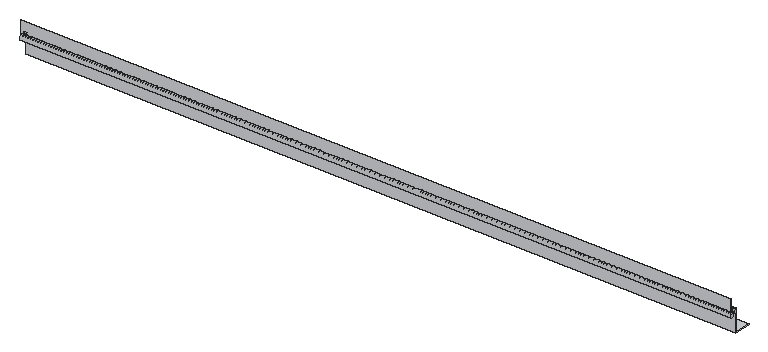
Revit family "NOVOJUNTA PRO BASIC ancho 20 mm LI EST y perimetral", category Modelos genéricos, Revit 2019 (continued)
Dimensions and locks
  aligned and locked: Extrusion 20 to plane 3 "Left"
  aligned and locked: Extrusion 20 to curve 1
  aligned and locked: Extrusion 10 to plane 3 "Left"
  aligned and locked: Extrusion 10 to curve 1
Automatic sketch dimensions
  plane 1 "Center (Front/Back)" to Extrusion 1 sketch curve = 51.758 mm
  Extrusion 1 sketch curve to Extrusion 1 sketch curve = 3.43 mm
  Extrusion 1 sketch curve to Extrusion 1 sketch curve = 32.14 mm
  Extrusion 1 sketch curve to Extrusion 1 sketch curve = 2.93 mm
  Extrusion 1 sketch curve to Extrusion 1 sketch curve = 1 mm  (x6)
  Extrusion 1 sketch curve to Extrusion 1 sketch curve = 1.5 mm  (x5)
  Extrusion 1 sketch curve to Extrusion 1 sketch curve = 2 mm
  Extrusion 1 sketch curve to Extrusion 1 sketch curve = 0.293 mm
  Extrusion 1 sketch curve to Extrusion 1 sketch curve = 1.494 mm
  Extrusion 1 sketch curve to Extrusion 1 sketch curve = 0.822 mm
  Extrusion 1 sketch curve to Extrusion 1 sketch curve = 0.441 mm  (x2)
  Extrusion 1 sketch curve to Extrusion 1 sketch curve = 0.434 mm  (x2)
  Extrusion 1 sketch curve to Extrusion 1 sketch curve = 1.224 mm
  Extrusion 1 sketch curve to Extrusion 1 sketch curve = 0.301 mm
  Extrusion 1 sketch curve to Extrusion 1 sketch curve = 0.823 mm
  Extrusion 1 sketch curve to Extrusion 1 sketch curve = 0.659 mm
  Extrusion 1 sketch curve to Extrusion 1 sketch curve = 0.522 mm
  Extrusion 1 sketch curve to Extrusion 1 sketch curve = 1.865 mm
  Extrusion 1 sketch curve to Extrusion 1 sketch curve = 0.356 mm
  Extrusion 1 sketch curve to Extrusion 1 sketch curve = 0.5 mm  (x4)
  Extrusion 1 sketch curve to Extrusion 1 sketch curve = 0.43 mm
  Extrusion 1 sketch curve to Extrusion 1 sketch curve = 0.372 mm
  Extrusion 1 sketch curve to Extrusion 1 sketch curve = 1.935 mm
  Extrusion 1 sketch curve to Extrusion 1 sketch curve = 3.663 mm
  Extrusion 1 sketch curve to Extrusion 1 sketch curve = 0.524 mm
  Extrusion 1 sketch curve to Extrusion 1 sketch curve = 0.625 mm
  Extrusion 1 sketch curve to Extrusion 1 sketch curve = 0.627 mm
  Extrusion 1 sketch curve to Extrusion 1 sketch curve = 0.265 mm
  Extrusion 1 sketch curve to Extrusion 1 sketch curve = 1.213 mm
  Extrusion 1 sketch curve to Extrusion 1 sketch curve = 1.311 mm
  Extrusion 1 sketch curve to Extrusion 1 sketch curve = 0.321 mm
  Extrusion 1 sketch curve to Extrusion 1 sketch curve = 0.748 mm
  Extrusion 1 sketch curve to Extrusion 1 sketch curve = 0.688 mm
  Extrusion 1 sketch curve to Extrusion 1 sketch curve = 1.298 mm
  Extrusion 1 sketch curve to Extrusion 1 sketch curve = 0.427 mm
  Extrusion 1 sketch curve to Extrusion 1 sketch curve = 1.2 mm
  Extrusion 1 sketch curve to Extrusion 1 sketch curve = 1.73 mm
  Extrusion 1 sketch curve to Extrusion 1 sketch curve = 35.57 mm
  Extrusion 1 sketch curve to level = 14.041 mm
  Extrusion 1 sketch curve to Extrusion 1 sketch curve = 2.5 mm
  Extrusion 1 sketch curve to Extrusion 1 sketch curve = 1.9 mm
  Extrusion 1 sketch curve to Extrusion 1 sketch curve = 0.007 mm
  Extrusion 1 sketch curve to Extrusion 1 sketch curve = 0.531 mm
  Extrusion 1 sketch curve to Extrusion 1 sketch curve = 0.51 mm
  Extrusion 1 sketch curve to Extrusion 1 sketch curve = 0.55 mm
  Extrusion 1 sketch curve to Extrusion 1 sketch curve = 0.52 mm
  Extrusion 1 sketch curve to Extrusion 1 sketch curve = 2.1 mm
  Extrusion 1 sketch curve to Extrusion 1 sketch curve = 0.579 mm
  Extrusion 1 sketch curve to Extrusion 1 sketch curve = 3.142 mm
  Extrusion 1 sketch curve to Extrusion 1 sketch curve = 0.037 mm
  Extrusion 1 sketch curve to Extrusion 1 sketch curve = 0.842 mm
  Extrusion 1 sketch curve to Extrusion 1 sketch curve = 0.835 mm
  Extrusion 1 sketch curve to Extrusion 1 sketch curve = 0.958 mm
  Extrusion 1 sketch curve to Extrusion 1 sketch curve = 0.956 mm
  Extrusion 1 sketch curve to Extrusion 1 sketch curve = 1.893 mm
  Extrusion 1 sketch curve to Extrusion 1 sketch curve = 1.281 mm
  Extrusion 1 sketch curve to Extrusion 1 sketch curve = 2.249 mm
  Extrusion 1 sketch curve to Extrusion 1 sketch curve = 0 mm  (x3)
  Extrusion 1 sketch curve to Extrusion 1 sketch curve = 5.43 mm
  Extrusion 1 sketch curve to Extrusion 1 sketch curve = 0.108 mm
  Extrusion 1 sketch curve to Extrusion 1 sketch curve = 0.179 mm
  Extrusion 1 sketch curve to Extrusion 1 sketch curve = 0.72 mm
  Extrusion 1 sketch curve to Extrusion 1 sketch curve = 0.721 mm
  Extrusion 1 sketch curve to Extrusion 1 sketch curve = 0.626 mm
  Extrusion 1 sketch curve to Extrusion 1 sketch curve = 0.228 mm  (x2)
  Extrusion 1 sketch curve to Extrusion 1 sketch curve = 2.014 mm  (x2)
  Extrusion 1 sketch curve to Extrusion 1 sketch curve = 0.041 mm
  Extrusion 1 sketch curve to Extrusion 1 sketch curve = 1.813 mm
  Extrusion 1 sketch curve to Extrusion 1 sketch curve = 0.515 mm
  Extrusion 1 sketch curve to Extrusion 1 sketch curve = 0.696 mm
  Extrusion 1 sketch curve to Extrusion 1 sketch curve = 0.613 mm
  Extrusion 1 sketch curve to Extrusion 1 sketch curve = 1.993 mm
  Extrusion 1 sketch curve to Extrusion 1 sketch curve = 0.565 mm
  Extrusion 1 sketch curve to Extrusion 1 sketch curve = 0.502 mm
  Extrusion 1 sketch curve to Extrusion 1 sketch curve = 0.05 mm
  Extrusion 1 sketch curve to Extrusion 1 sketch curve = 1.429 mm
  Extrusion 1 sketch curve to Extrusion 1 sketch curve = 1.34 mm  (x2)
  Extrusion 1 sketch curve to Extrusion 1 sketch curve = 0.919 mm
  Extrusion 1 sketch curve to Extrusion 1 sketch curve = 0.319 mm
  Extrusion 1 sketch curve to Extrusion 1 sketch curve = 2.819 mm
  Extrusion 1 sketch curve to Extrusion 1 sketch curve = 0.4 mm
  Extrusion 1 sketch curve to Extrusion 1 sketch curve = 0.38 mm  (x2)
  Extrusion 1 sketch curve to Extrusion 1 sketch curve = 0.388 mm
  Extrusion 1 sketch curve to Extrusion 1 sketch curve = 1.49 mm
  Extrusion 1 sketch curve to Extrusion 1 sketch curve = 1.527 mm
  Extrusion 1 sketch curve to Extrusion 1 sketch curve = 0.325 mm
  Extrusion 1 sketch curve to Extrusion 1 sketch curve = 1.521 mm
  Extrusion 1 sketch curve to Extrusion 1 sketch curve = 1.443 mm
  Extrusion 1 sketch curve to Extrusion 1 sketch curve = 5.373 mm
  Extrusion 1 sketch curve to Extrusion 1 sketch curve = 1.348 mm
  plane 1 "Center (Front/Back)" to Extrusion 2 sketch curve = 51.757 mm
  Extrusion 2 sketch curve to Extrusion 2 sketch curve = 35.57 mm  (x2)
  Extrusion 2 sketch curve to Extrusion 2 sketch curve = 1.73 mm  (x2)
  Extrusion 2 sketch curve to Extrusion 2 sketch curve = 1.2 mm  (x3)
  Extrusion 2 sketch curve to Extrusion 2 sketch curve = 1 mm  (x7)
  Extrusion 2 sketch curve to Extrusion 2 sketch curve = 2.3 mm
  Extrusion 2 sketch curve to Extrusion 2 sketch curve = 2 mm  (x2)
  Extrusion 2 sketch curve to Extrusion 2 sketch curve = 0.293 mm
  Extrusion 2 sketch curve to Extrusion 2 sketch curve = 0.54 mm
  Extrusion 2 sketch curve to Extrusion 2 sketch curve = 1.211 mm
  Extrusion 2 sketch curve to Extrusion 2 sketch curve = 1.201 mm
  Extrusion 2 sketch curve to Extrusion 2 sketch curve = 0.822 mm
  Extrusion 2 sketch curve to Extrusion 2 sketch curve = 0.441 mm  (x2)
  Extrusion 2 sketch curve to Extrusion 2 sketch curve = 0.434 mm  (x2)
  Extrusion 2 sketch curve to Extrusion 2 sketch curve = 1.241 mm
  Extrusion 2 sketch curve to Extrusion 2 sketch curve = 1.327 mm  (x2)
  Extrusion 2 sketch curve to Extrusion 2 sketch curve = 0.284 mm
  Extrusion 2 sketch curve to Extrusion 2 sketch curve = 0.823 mm
  Extrusion 2 sketch curve to Extrusion 2 sketch curve = 0.662 mm
  Extrusion 2 sketch curve to Extrusion 2 sketch curve = 0.519 mm
  Extrusion 2 sketch curve to Extrusion 2 sketch curve = 0.027 mm
  Extrusion 2 sketch curve to Extrusion 2 sketch curve = 1.973 mm
  Extrusion 2 sketch curve to Extrusion 2 sketch curve = 1.443 mm
  Extrusion 2 sketch curve to Extrusion 2 sketch curve = 1.865 mm
  Extrusion 2 sketch curve to Extrusion 2 sketch curve = 0.356 mm
  Extrusion 2 sketch curve to Extrusion 2 sketch curve = 0.5 mm  (x3)
  Extrusion 2 sketch curve to Extrusion 2 sketch curve = 0.43 mm
  Extrusion 2 sketch curve to Extrusion 2 sketch curve = 0.381 mm
  Extrusion 2 sketch curve to Extrusion 2 sketch curve = 1.935 mm
  Extrusion 2 sketch curve to Extrusion 2 sketch curve = 1.386 mm
  Extrusion 2 sketch curve to Extrusion 2 sketch curve = 0.479 mm
  Extrusion 2 sketch curve to Extrusion 2 sketch curve = 1.5 mm  (x3)
  Extrusion 2 sketch curve to Extrusion 2 sketch curve = 1.948 mm
  Extrusion 2 sketch curve to Extrusion 2 sketch curve = 0.524 mm
  Extrusion 2 sketch curve to Extrusion 2 sketch curve = 0.603 mm
  Extrusion 2 sketch curve to Extrusion 2 sketch curve = 1.34 mm  (x2)
  Extrusion 2 sketch curve to Extrusion 2 sketch curve = 0.649 mm
  Extrusion 2 sketch curve to Extrusion 2 sketch curve = 1.413 mm
  Extrusion 2 sketch curve to Extrusion 2 sketch curve = 0.264 mm
  Extrusion 2 sketch curve to Extrusion 2 sketch curve = 0.919 mm
  Extrusion 2 sketch curve to level = 10.753 mm
  Extrusion 2 sketch curve to Extrusion 2 sketch curve = 0.321 mm
  Extrusion 2 sketch curve to Extrusion 2 sketch curve = 0.748 mm
  Extrusion 2 sketch curve to Extrusion 2 sketch curve = 0.616 mm
  Extrusion 2 sketch curve to Extrusion 2 sketch curve = 4.4 mm
  Extrusion 2 sketch curve to Extrusion 2 sketch curve = 0.498 mm
  Extrusion 2 sketch curve to Extrusion 2 sketch curve = 0 mm  (x3)
  Extrusion 2 sketch curve to Extrusion 2 sketch curve = 0.007 mm  (x2)
  Extrusion 2 sketch curve to Extrusion 2 sketch curve = 0.38 mm
  Extrusion 2 sketch curve to Extrusion 2 sketch curve = 0.4 mm
  Extrusion 2 sketch curve to Extrusion 2 sketch curve = 6.5 mm  (x2)
  Extrusion 2 sketch curve to Extrusion 2 sketch curve = 1.476 mm
  Extrusion 2 sketch curve to Extrusion 2 sketch curve = 1.168 mm
  Extrusion 2 sketch curve to Extrusion 2 sketch curve = 0.545 mm
  Extrusion 2 sketch curve to Extrusion 2 sketch curve = 0.497 mm
  Extrusion 2 sketch curve to Extrusion 2 sketch curve = 1.269 mm
  Extrusion 2 sketch curve to Extrusion 2 sketch curve = 0.482 mm
  Extrusion 2 sketch curve to Extrusion 2 sketch curve = 0.563 mm
  Extrusion 2 sketch curve to Extrusion 2 sketch curve = 0.491 mm
  Extrusion 2 sketch curve to Extrusion 2 sketch curve = 0.063 mm
  Extrusion 2 sketch curve to Extrusion 2 sketch curve = 0.576 mm
  Extrusion 2 sketch curve to Extrusion 2 sketch curve = 3.147 mm
  Extrusion 2 sketch curve to Extrusion 2 sketch curve = 0.032 mm
  Extrusion 2 sketch curve to Extrusion 2 sketch curve = 0.903 mm
  Extrusion 2 sketch curve to Extrusion 2 sketch curve = 0.904 mm
  Extrusion 2 sketch curve to Extrusion 2 sketch curve = 0.898 mm
  Extrusion 2 sketch curve to Extrusion 2 sketch curve = 0.956 mm
  Extrusion 2 sketch curve to Extrusion 2 sketch curve = 1.28 mm
  Extrusion 2 sketch curve to Extrusion 2 sketch curve = 1.893 mm
  Extrusion 2 sketch curve to Extrusion 2 sketch curve = 0.969 mm
  Extrusion 2 sketch curve to Extrusion 2 sketch curve = 5.43 mm
  Extrusion 2 sketch curve to Extrusion 2 sketch curve = 5.373 mm
  Extrusion 2 sketch curve to Extrusion 2 sketch curve = 0.002 mm
  Extrusion 2 sketch curve to Extrusion 2 sketch curve = 0.051 mm
  Extrusion 2 sketch curve to Extrusion 2 sketch curve = 0.584 mm
  Extrusion 2 sketch curve to Extrusion 2 sketch curve = 0.632 mm
  Extrusion 2 sketch curve to Extrusion 2 sketch curve = 0.721 mm
  Extrusion 2 sketch curve to Extrusion 2 sketch curve = 0.72 mm
  Extrusion 2 sketch curve to Extrusion 2 sketch curve = 0.228 mm  (x2)
  Extrusion 2 sketch curve to Extrusion 2 sketch curve = 2.014 mm  (x2)
  Extrusion 2 sketch curve to Extrusion 2 sketch curve = 1.913 mm
  Extrusion 2 sketch curve to Extrusion 2 sketch curve = 0.515 mm
  Extrusion 2 sketch curve to Extrusion 2 sketch curve = 0.565 mm
  Extrusion 2 sketch curve to Extrusion 2 sketch curve = 11.288 mm
  Extrusion 2 sketch curve to Extrusion 2 sketch curve = 0.388 mm
  Extrusion 2 sketch curve to Extrusion 2 sketch curve = 1.524 mm
  Extrusion 3 sketch curve to plane 1 "Center (Front/Back)" = 4.071 mm
  Extrusion 3 sketch curve to Extrusion 3 sketch curve = 1.5 mm  (x2)
  Extrusion 3 sketch curve to level = 11.541 mm
  Extrusion 3 sketch curve to Extrusion 3 sketch curve = 9.4 mm
  Extrusion 3 sketch curve to Extrusion 3 sketch curve = 4.2 mm
  Extrusion 3 sketch curve to Extrusion 3 sketch curve = 1 mm  (x3)
  Extrusion 3 sketch curve to Extrusion 3 sketch curve = 3.7 mm
  Extrusion 3 sketch curve to Extrusion 3 sketch curve = 1.2 mm  (x2)
  Extrusion 3 sketch curve to Extrusion 3 sketch curve = 1.73 mm
  Extrusion 3 sketch curve to Extrusion 3 sketch curve = 35.57 mm
  Extrusion 3 sketch curve to Extrusion 3 sketch curve = 2 mm  (x2)
  Extrusion 3 sketch curve to Extrusion 3 sketch curve = 2.447 mm
  Extrusion 3 sketch curve to Extrusion 3 sketch curve = 0.319 mm
  Extrusion 3 sketch curve to Extrusion 3 sketch curve = 1.9 mm
  Extrusion 3 sketch curve to Extrusion 3 sketch curve = 1.34 mm
  Extrusion 3 sketch curve to Extrusion 3 sketch curve = 0.816 mm
  Extrusion 3 sketch curve to Extrusion 3 sketch curve = 2.039 mm
  Extrusion 3 sketch curve to Extrusion 3 sketch curve = 0.919 mm
  Extrusion 3 sketch curve to Extrusion 3 sketch curve = 0.434 mm  (x2)
  Extrusion 3 sketch curve to Extrusion 3 sketch curve = 0.38 mm
  Extrusion 3 sketch curve to Extrusion 3 sketch curve = 0.388 mm  (x2)
  Extrusion 3 sketch curve to Extrusion 3 sketch curve = 0.673 mm  (x2)
  Extrusion 3 sketch curve to Extrusion 3 sketch curve = 0.441 mm  (x2)
  Extrusion 3 sketch curve to Extrusion 3 sketch curve = 0.597 mm
  Extrusion 3 sketch curve to Extrusion 3 sketch curve = 0.438 mm
  Extrusion 3 sketch curve to Extrusion 3 sketch curve = 0.53 mm
  Extrusion 3 sketch curve to Extrusion 3 sketch curve = 0.677 mm
  Extrusion 3 sketch curve to Extrusion 3 sketch curve = 0.521 mm
  Extrusion 3 sketch curve to Extrusion 3 sketch curve = 0.579 mm
  Extrusion 3 sketch curve to Extrusion 3 sketch curve = 0.264 mm
  Extrusion 3 sketch curve to Extrusion 3 sketch curve = 0.903 mm
  Extrusion 3 sketch curve to Extrusion 3 sketch curve = 0.321 mm
  Extrusion 3 sketch curve to Extrusion 3 sketch curve = 0.956 mm
  Extrusion 3 sketch curve to Extrusion 3 sketch curve = 0.634 mm
  Extrusion 3 sketch curve to Extrusion 3 sketch curve = 1.327 mm  (x2)
  Extrusion 3 sketch curve to Extrusion 3 sketch curve = 0.002 mm
  Extrusion 3 sketch curve to Extrusion 3 sketch curve = 0.077 mm
  Extrusion 3 sketch curve to Extrusion 3 sketch curve = 0.228 mm
  Extrusion 3 sketch curve to Extrusion 3 sketch curve = 0.72 mm
  Extrusion 3 sketch curve to Extrusion 3 sketch curve = 0.041 mm
  Extrusion 3 sketch curve to Extrusion 3 sketch curve = 1.386 mm
  Extrusion 3 sketch curve to Extrusion 3 sketch curve = 2.633 mm
  Extrusion 3 sketch curve to Extrusion 3 sketch curve = 2.268 mm
  Extrusion 3 sketch curve to Extrusion 3 sketch curve = 1.925 mm
  Extrusion 3 sketch curve to Extrusion 3 sketch curve = 0.381 mm  (x2)
  Extrusion 3 sketch curve to Extrusion 3 sketch curve = 0.43 mm
  Extrusion 3 sketch curve to Extrusion 3 sketch curve = 0.032 mm
  Extrusion 3 sketch curve to Extrusion 3 sketch curve = 2.22 mm
  Extrusion 3 sketch curve to Extrusion 3 sketch curve = 1.893 mm  (x2)
  Extrusion 3 sketch curve to Extrusion 3 sketch curve = 4.555 mm
  Extrusion 3 sketch curve to Extrusion 3 sketch curve = 0.286 mm
  Extrusion 3 sketch curve to Extrusion 3 sketch curve = 0.5 mm  (x2)
  Extrusion 3 sketch curve to Extrusion 3 sketch curve = 2.249 mm
  Extrusion 3 sketch curve to Extrusion 3 sketch curve = 0 mm  (x3)
  Extrusion 3 sketch curve to Extrusion 3 sketch curve = 0.25 mm
  Extrusion 3 sketch curve to Extrusion 3 sketch curve = 1.913 mm
  Extrusion 3 sketch curve to Extrusion 3 sketch curve = 0.479 mm
  Extrusion 3 sketch curve to Extrusion 3 sketch curve = 3.416 mm
  Extrusion 3 sketch curve to Extrusion 3 sketch curve = 1.406 mm
  Extrusion 3 sketch curve to Extrusion 3 sketch curve = 0.811 mm
  Extrusion 3 sketch curve to Extrusion 3 sketch curve = 4.908 mm
  Extrusion 3 sketch curve to Extrusion 3 sketch curve = 1.748 mm
  Extrusion 3 sketch curve to Extrusion 3 sketch curve = 0.051 mm
  Extrusion 3 sketch curve to Extrusion 3 sketch curve = 1.201 mm
  Extrusion 3 sketch curve to Extrusion 3 sketch curve = 0.011 mm
  Extrusion 3 sketch curve to Extrusion 3 sketch curve = 0.721 mm
  Extrusion 3 sketch curve to Extrusion 3 sketch curve = 0.284 mm
  Extrusion 3 sketch curve to Extrusion 3 sketch curve = 0.904 mm
  Extrusion 3 sketch curve to Extrusion 3 sketch curve = 0.662 mm
  Extrusion 3 sketch curve to Extrusion 3 sketch curve = 0.497 mm
  Extrusion 3 sketch curve to Extrusion 3 sketch curve = 0.283 mm
  Extrusion 3 sketch curve to Extrusion 3 sketch curve = 0.898 mm
  Extrusion 3 sketch curve to Extrusion 3 sketch curve = 0.525 mm
  Extrusion 3 sketch curve to Extrusion 3 sketch curve = 1.125 mm  (x2)
  Extrusion 3 sketch curve to Extrusion 3 sketch curve = 0.822 mm
  Extrusion 3 sketch curve to Extrusion 3 sketch curve = 0.538 mm
  Extrusion 3 sketch curve to Extrusion 3 sketch curve = 0.823 mm
  Extrusion 3 sketch curve to Extrusion 3 sketch curve = 0.588 mm
  Extrusion 3 sketch curve to Extrusion 3 sketch curve = 0.476 mm
  Extrusion 3 sketch curve to Extrusion 3 sketch curve = 0.469 mm
  Extrusion 3 sketch curve to Extrusion 3 sketch curve = 0.328 mm
  Extrusion 3 sketch curve to Extrusion 3 sketch curve = 27.402 mm
  Extrusion 3 sketch curve to Extrusion 3 sketch curve = 1.443 mm
  Extrusion 3 sketch curve to Extrusion 3 sketch curve = 11.9 mm
  Extrusion 3 sketch curve to Extrusion 3 sketch curve = 2.043 mm
  Extrusion 3 sketch curve to Extrusion 3 sketch curve = 4.793 mm
  Extrusion 3 sketch curve to Extrusion 3 sketch curve = 0.757 mm
  Extrusion 3 sketch curve to Extrusion 3 sketch curve = 2.6 mm
  Extrusion 3 sketch curve to Extrusion 3 sketch curve = 0.8 mm
  Extrusion 3 sketch curve to Extrusion 3 sketch curve = 4.114 mm
  Extrusion 3 sketch curve to Extrusion 3 sketch curve = 2.044 mm
  Extrusion 3 sketch curve to Extrusion 3 sketch curve = 0.414 mm
  Extrusion 3 sketch curve to Extrusion 3 sketch curve = 11.662 mm
  plane 1 "Center (Front/Back)" to Extrusion 4 sketch curve = 45.258 mm
  Extrusion 4 sketch curve to Extrusion 4 sketch curve = 33 mm  (x2)
  Extrusion 4 sketch curve to Extrusion 4 sketch curve = 2 mm  (x3)
  Extrusion 4 sketch curve to Extrusion 4 sketch curve = 2.044 mm
  Extrusion 4 sketch curve to Extrusion 4 sketch curve = 2.293 mm
  Extrusion 4 sketch curve to Extrusion 4 sketch curve = 0.732 mm
  Extrusion 4 sketch curve to Extrusion 4 sketch curve = 0.8 mm
  Extrusion 4 sketch curve to Extrusion 4 sketch curve = 1.211 mm
  Extrusion 4 sketch curve to Extrusion 4 sketch curve = 1.201 mm
  Extrusion 4 sketch curve to Extrusion 4 sketch curve = 0.93 mm
  Extrusion 4 sketch curve to Extrusion 4 sketch curve = 0.441 mm  (x2)
  Extrusion 4 sketch curve to Extrusion 4 sketch curve = 0.434 mm  (x2)
  Extrusion 4 sketch curve to Extrusion 4 sketch curve = 1.241 mm
  Extrusion 4 sketch curve to Extrusion 4 sketch curve = 1.327 mm  (x2)
  Extrusion 4 sketch curve to Extrusion 4 sketch curve = 0.284 mm
  Extrusion 4 sketch curve to Extrusion 4 sketch curve = 2.6 mm
  Extrusion 4 sketch curve to Extrusion 4 sketch curve = 0.931 mm
  Extrusion 4 sketch curve to Extrusion 4 sketch curve = 0.641 mm
  Extrusion 4 sketch curve to Extrusion 4 sketch curve = 4.114 mm
  Extrusion 4 sketch curve to Extrusion 4 sketch curve = 1.406 mm
  Extrusion 4 sketch curve to Extrusion 4 sketch curve = 0.031 mm
  Extrusion 4 sketch curve to Extrusion 4 sketch curve = 1.943 mm
  Extrusion 4 sketch curve to Extrusion 4 sketch curve = 1.443 mm
  Extrusion 4 sketch curve to Extrusion 4 sketch curve = 1.865 mm
  Extrusion 4 sketch curve to Extrusion 4 sketch curve = 0.356 mm
  Extrusion 4 sketch curve to Extrusion 4 sketch curve = 0.5 mm  (x3)
  Extrusion 4 sketch curve to Extrusion 4 sketch curve = 0.43 mm
  Extrusion 4 sketch curve to Extrusion 4 sketch curve = 0.381 mm
  Extrusion 4 sketch curve to Extrusion 4 sketch curve = 1.935 mm
  Extrusion 4 sketch curve to Extrusion 4 sketch curve = 3.609 mm
  Extrusion 4 sketch curve to Extrusion 4 sketch curve = 1.5 mm  (x3)
  Extrusion 4 sketch curve to Extrusion 4 sketch curve = 0.524 mm  (x2)
  Extrusion 4 sketch curve to Extrusion 4 sketch curve = 0.635 mm
  Extrusion 4 sketch curve to Extrusion 4 sketch curve = 1.34 mm
  Extrusion 4 sketch curve to Extrusion 4 sketch curve = 0.662 mm
  Extrusion 4 sketch curve to Extrusion 4 sketch curve = 0.264 mm
  Extrusion 4 sketch curve to Extrusion 4 sketch curve = 1.224 mm
  Extrusion 4 sketch curve to Extrusion 4 sketch curve = 0.321 mm
  Extrusion 4 sketch curve to Extrusion 4 sketch curve = 0.319 mm
  Extrusion 4 sketch curve to Extrusion 4 sketch curve = 0.674 mm
  Extrusion 4 sketch curve to Extrusion 4 sketch curve = 1.2 mm
  Extrusion 4 sketch curve to Extrusion 4 sketch curve = 0.191 mm
  Extrusion 4 sketch curve to Extrusion 4 sketch curve = 1 mm  (x3)
  Extrusion 4 sketch curve to Extrusion 4 sketch curve = 2.819 mm
  Extrusion 4 sketch curve to Extrusion 4 sketch curve = 2.93 mm
  Extrusion 4 sketch curve to Extrusion 4 sketch curve = 35.57 mm
  Extrusion 4 sketch curve to level = 23.041 mm
  Extrusion 4 sketch curve to Extrusion 4 sketch curve = 0 mm  (x6)
  Extrusion 4 sketch curve to Extrusion 4 sketch curve = 0.998 mm
  Extrusion 4 sketch curve to Extrusion 4 sketch curve = 7 mm
  Extrusion 4 sketch curve to Extrusion 4 sketch curve = 0.107 mm
  Extrusion 4 sketch curve to Extrusion 4 sketch curve = 5.5 mm
  Extrusion 4 sketch curve to Extrusion 4 sketch curve = 2.9 mm
  Extrusion 4 sketch curve to Extrusion 4 sketch curve = 0.4 mm
  Extrusion 4 sketch curve to Extrusion 4 sketch curve = 0.38 mm
  Extrusion 4 sketch curve to Extrusion 4 sketch curve = 0.39 mm
  Extrusion 4 sketch curve to Extrusion 4 sketch curve = 0.007 mm  (x2)
  Extrusion 4 sketch curve to Extrusion 4 sketch curve = 1.504 mm
  Extrusion 4 sketch curve to Extrusion 4 sketch curve = 1.515 mm
  Extrusion 4 sketch curve to Extrusion 4 sketch curve = 1.831 mm
  Extrusion 4 sketch curve to Extrusion 4 sketch curve = 0.47 mm
  Extrusion 4 sketch curve to Extrusion 4 sketch curve = 0.518 mm
  Extrusion 4 sketch curve to Extrusion 4 sketch curve = 0.497 mm
  Extrusion 4 sketch curve to Extrusion 4 sketch curve = 0.207 mm
  Extrusion 4 sketch curve to Extrusion 4 sketch curve = 0.513 mm
  Extrusion 4 sketch curve to Extrusion 4 sketch curve = 0.531 mm
  Extrusion 4 sketch curve to Extrusion 4 sketch curve = 3.149 mm
  Extrusion 4 sketch curve to Extrusion 4 sketch curve = 0.032 mm  (x2)
  Extrusion 4 sketch curve to Extrusion 4 sketch curve = 0.903 mm
  Extrusion 4 sketch curve to Extrusion 4 sketch curve = 0.904 mm
  Extrusion 4 sketch curve to Extrusion 4 sketch curve = 0.898 mm
  Extrusion 4 sketch curve to Extrusion 4 sketch curve = 0.956 mm
  Extrusion 4 sketch curve to Extrusion 4 sketch curve = 1.28 mm
  Extrusion 4 sketch curve to Extrusion 4 sketch curve = 1.893 mm
  Extrusion 4 sketch curve to Extrusion 4 sketch curve = 2.249 mm
  Extrusion 4 sketch curve to Extrusion 4 sketch curve = 5.43 mm
  Extrusion 4 sketch curve to Extrusion 4 sketch curve = 5.373 mm
  Extrusion 4 sketch curve to Extrusion 4 sketch curve = 0.002 mm
  Extrusion 4 sketch curve to Extrusion 4 sketch curve = 0.051 mm
  Extrusion 4 sketch curve to Extrusion 4 sketch curve = 0.484 mm
  Extrusion 4 sketch curve to Extrusion 4 sketch curve = 0.72 mm
  Extrusion 4 sketch curve to Extrusion 4 sketch curve = 0.721 mm
  Extrusion 4 sketch curve to Extrusion 4 sketch curve = 0.328 mm
  Extrusion 4 sketch curve to Extrusion 4 sketch curve = 2.012 mm
  Extrusion 4 sketch curve to Extrusion 4 sketch curve = 1.913 mm
  Extrusion 4 sketch curve to Extrusion 4 sketch curve = 27.402 mm
  Extrusion 4 sketch curve to Extrusion 4 sketch curve = 0.537 mm
  Extrusion 4 sketch curve to Extrusion 4 sketch curve = 0.318 mm
  Extrusion 4 sketch curve to Extrusion 4 sketch curve = 0.414 mm
  Extrusion 4 sketch curve to Extrusion 4 sketch curve = 0.523 mm
  Extrusion 4 sketch curve to Extrusion 4 sketch curve = 0.63 mm
  Extrusion 4 sketch curve to Extrusion 4 sketch curve = 0.23 mm
  Extrusion 4 sketch curve to Extrusion 4 sketch curve = 0.964 mm
  Extrusion 4 sketch curve to Extrusion 4 sketch curve = 0.703 mm
  Extrusion 4 sketch curve to Extrusion 4 sketch curve = 1.526 mm
  plane 1 "Center (Front/Back)" to Extrusion 5 sketch curve = 45.312 mm
  Extrusion 5 sketch curve to Extrusion 5 sketch curve = 33 mm
  Extrusion 5 sketch curve to Extrusion 5 sketch curve = 2 mm  (x3)
  Extrusion 5 sketch curve to Extrusion 5 sketch curve = 2.044 mm
  Extrusion 5 sketch curve to Extrusion 5 sketch curve = 2.347 mm
  Extrusion 5 sketch curve to Extrusion 5 sketch curve = 0.616 mm
  Extrusion 5 sketch curve to Extrusion 5 sketch curve = 0.8 mm
  Extrusion 5 sketch curve to Extrusion 5 sketch curve = 0.224 mm
  Extrusion 5 sketch curve to Extrusion 5 sketch curve = 0.649 mm
  Extrusion 5 sketch curve to Extrusion 5 sketch curve = 1.201 mm
  Extrusion 5 sketch curve to Extrusion 5 sketch curve = 0.441 mm  (x2)
  Extrusion 5 sketch curve to Extrusion 5 sketch curve = 0.434 mm  (x2)
  Extrusion 5 sketch curve to Extrusion 5 sketch curve = 1.241 mm
  Extrusion 5 sketch curve to Extrusion 5 sketch curve = 1.327 mm
  Extrusion 5 sketch curve to Extrusion 5 sketch curve = 0.284 mm
  Extrusion 5 sketch curve to Extrusion 5 sketch curve = 2.6 mm
  Extrusion 5 sketch curve to Extrusion 5 sketch curve = 0.769 mm
  Extrusion 5 sketch curve to Extrusion 5 sketch curve = 0.662 mm
  Extrusion 5 sketch curve to Extrusion 5 sketch curve = 0.422 mm
  Extrusion 5 sketch curve to Extrusion 5 sketch curve = 0.757 mm
  Extrusion 5 sketch curve to Extrusion 5 sketch curve = 2.043 mm
  Extrusion 5 sketch curve to Extrusion 5 sketch curve = 3.54 mm
  Extrusion 5 sketch curve to Extrusion 5 sketch curve = 1.865 mm
  Extrusion 5 sketch curve to Extrusion 5 sketch curve = 0.356 mm
  Extrusion 5 sketch curve to Extrusion 5 sketch curve = 0.5 mm  (x3)
  Extrusion 5 sketch curve to Extrusion 5 sketch curve = 0.43 mm
  Extrusion 5 sketch curve to Extrusion 5 sketch curve = 0.381 mm
  Extrusion 5 sketch curve to Extrusion 5 sketch curve = 1.935 mm
  Extrusion 5 sketch curve to Extrusion 5 sketch curve = 3.708 mm
  Extrusion 5 sketch curve to Extrusion 5 sketch curve = 0.424 mm
  Extrusion 5 sketch curve to Extrusion 5 sketch curve = 1.5 mm  (x3)
  Extrusion 5 sketch curve to Extrusion 5 sketch curve = 2.093 mm
  Extrusion 5 sketch curve to Extrusion 5 sketch curve = 0.524 mm
  Extrusion 5 sketch curve to Extrusion 5 sketch curve = 0.571 mm
  Extrusion 5 sketch curve to Extrusion 5 sketch curve = 1.34 mm
  Extrusion 5 sketch curve to Extrusion 5 sketch curve = 0.627 mm
  Extrusion 5 sketch curve to Extrusion 5 sketch curve = 0.264 mm
  Extrusion 5 sketch curve to Extrusion 5 sketch curve = 0.865 mm
  Extrusion 5 sketch curve to Extrusion 5 sketch curve = 1.329 mm
  Extrusion 5 sketch curve to Extrusion 5 sketch curve = 0.321 mm
  Extrusion 5 sketch curve to Extrusion 5 sketch curve = 0.62 mm
  Extrusion 5 sketch curve to Extrusion 5 sketch curve = 1.2 mm
  Extrusion 5 sketch curve to Extrusion 5 sketch curve = 14.437 mm
  Extrusion 5 sketch curve to Extrusion 5 sketch curve = 0.29 mm
  Extrusion 5 sketch curve to Extrusion 5 sketch curve = 4.395 mm
  Extrusion 5 sketch curve to Extrusion 5 sketch curve = 47.105 mm
  Extrusion 5 sketch curve to level = 40.043 mm
  Extrusion 5 sketch curve to Extrusion 5 sketch curve = 2.3 mm
  Extrusion 5 sketch curve to Extrusion 5 sketch curve = 13.2 mm
  Extrusion 5 sketch curve to Extrusion 5 sketch curve = 0 mm  (x2)
  Extrusion 5 sketch curve to Extrusion 5 sketch curve = 7 mm
  Extrusion 5 sketch curve to Extrusion 5 sketch curve = 0.107 mm
  Extrusion 5 sketch curve to Extrusion 5 sketch curve = 1.893 mm  (x3)
  Extrusion 5 sketch curve to Extrusion 5 sketch curve = 2.9 mm
  Extrusion 5 sketch curve to Extrusion 5 sketch curve = 0.382 mm  (x2)
  Extrusion 5 sketch curve to Extrusion 5 sketch curve = 0.007 mm  (x3)
  Extrusion 5 sketch curve to Extrusion 5 sketch curve = 1.491 mm
  Extrusion 5 sketch curve to Extrusion 5 sketch curve = 1.526 mm
  Extrusion 5 sketch curve to Extrusion 5 sketch curve = 0.467 mm
  Extrusion 5 sketch curve to Extrusion 5 sketch curve = 0.532 mm
  Extrusion 5 sketch curve to Extrusion 5 sketch curve = 0.497 mm
  Extrusion 5 sketch curve to Extrusion 5 sketch curve = 0.468 mm
  Extrusion 5 sketch curve to Extrusion 5 sketch curve = 1.269 mm
  Extrusion 5 sketch curve to Extrusion 5 sketch curve = 0.548 mm
  Extrusion 5 sketch curve to Extrusion 5 sketch curve = 0.529 mm
  Extrusion 5 sketch curve to Extrusion 5 sketch curve = 3.149 mm
  Extrusion 5 sketch curve to Extrusion 5 sketch curve = 0.032 mm
  Extrusion 5 sketch curve to Extrusion 5 sketch curve = 0.903 mm
  Extrusion 5 sketch curve to Extrusion 5 sketch curve = 0.904 mm
  Extrusion 5 sketch curve to Extrusion 5 sketch curve = 0.898 mm
  Extrusion 5 sketch curve to Extrusion 5 sketch curve = 0.956 mm
  Extrusion 5 sketch curve to Extrusion 5 sketch curve = 1.28 mm
  Extrusion 5 sketch curve to Extrusion 5 sketch curve = 2.249 mm
  Extrusion 5 sketch curve to Extrusion 5 sketch curve = 5.43 mm
  Extrusion 5 sketch curve to Extrusion 5 sketch curve = 5.373 mm
  Extrusion 5 sketch curve to Extrusion 5 sketch curve = 0.051 mm
  Extrusion 5 sketch curve to Extrusion 5 sketch curve = 0.72 mm
  Extrusion 5 sketch curve to Extrusion 5 sketch curve = 0.721 mm
  Extrusion 5 sketch curve to Extrusion 5 sketch curve = 0.514 mm
  Extrusion 5 sketch curve to Extrusion 5 sketch curve = 0.23 mm
  Extrusion 5 sketch curve to Extrusion 5 sketch curve = 0.412 mm
  Extrusion 5 sketch curve to Extrusion 5 sketch curve = 2.012 mm
  Extrusion 5 sketch curve to Extrusion 5 sketch curve = 1.913 mm
  Extrusion 5 sketch curve to Extrusion 5 sketch curve = 0.043 mm
  Extrusion 5 sketch curve to Extrusion 5 sketch curve = 29.043 mm
  Extrusion 5 sketch curve to Extrusion 5 sketch curve = 0.473 mm
  Extrusion 5 sketch curve to Extrusion 5 sketch curve = 0.51 mm
  Extrusion 5 sketch curve to Extrusion 5 sketch curve = 0.802 mm
  Extrusion 5 sketch curve to Extrusion 5 sketch curve = 0.4 mm
  Extrusion 5 sketch curve to Extrusion 5 sketch curve = 0.876 mm
  Extrusion 5 sketch curve to Extrusion 5 sketch curve = 1.571 mm
  Extrusion 5 sketch curve to Extrusion 5 sketch curve = 0.123 mm
  Extrusion 5 sketch curve to Extrusion 5 sketch curve = 0.482 mm
  Extrusion 5 sketch curve to Extrusion 5 sketch curve = 0.33 mm
  Extrusion 5 sketch curve to Extrusion 5 sketch curve = 1.357 mm
  Extrusion 5 sketch curve to Extrusion 5 sketch curve = 0.118 mm
  Extrusion 6 sketch curve to level = 14.041 mm
  Extrusion 6 sketch curve to Extrusion 6 sketch curve = 1 mm  (x3)
  Extrusion 6 sketch curve to Extrusion 6 sketch curve = 3.7 mm
  Extrusion 6 sketch curve to Extrusion 6 sketch curve = 9.3 mm
  Extrusion 6 sketch curve to Extrusion 6 sketch curve = 2 mm  (x3)
  Extrusion 6 sketch curve to Extrusion 6 sketch curve = 22.059 mm
  Extrusion 6 sketch curve to Extrusion 6 sketch curve = 3.941 mm
  Extrusion 6 sketch curve to Extrusion 6 sketch curve = 8.237 mm
  Extrusion 6 sketch curve to Extrusion 6 sketch curve = 2.024 mm
  Extrusion 6 sketch curve to Extrusion 6 sketch curve = 0.856 mm
  Extrusion 6 sketch curve to Extrusion 6 sketch curve = 2.462 mm
  Extrusion 6 sketch curve to Extrusion 6 sketch curve = 0.3 mm  (x3)
  Extrusion 6 sketch curve to Extrusion 6 sketch curve = 0 mm  (x3)
  Extrusion 6 sketch curve to Extrusion 6 sketch curve = 1.38 mm  (x2)
  Extrusion 6 sketch curve to Extrusion 6 sketch curve = 4.2 mm
  Extrusion 6 sketch curve to Extrusion 6 sketch curve = 2.2 mm  (x3)
  Extrusion 6 sketch curve to Extrusion 6 sketch curve = 3.32 mm
  Extrusion 6 sketch curve to Extrusion 6 sketch curve = 0.12 mm
  Extrusion 6 sketch curve to Extrusion 6 sketch curve = 3.494 mm
  Extrusion 6 sketch curve to Extrusion 6 sketch curve = 2.572 mm
  Extrusion 6 sketch curve to Extrusion 6 sketch curve = 2.268 mm
  Extrusion 6 sketch curve to Extrusion 6 sketch curve = 1.925 mm
  Extrusion 6 sketch curve to Extrusion 6 sketch curve = 0.328 mm  (x2)
  Extrusion 6 sketch curve to Extrusion 6 sketch curve = 0.381 mm  (x2)
  Extrusion 6 sketch curve to Extrusion 6 sketch curve = 0.644 mm
  Extrusion 6 sketch curve to Extrusion 6 sketch curve = 0.43 mm
  Extrusion 6 sketch curve to Extrusion 6 sketch curve = 2.22 mm
  Extrusion 6 sketch curve to Extrusion 6 sketch curve = 1.893 mm
  Extrusion 6 sketch curve to Extrusion 6 sketch curve = 0.214 mm
  Extrusion 6 sketch curve to Extrusion 6 sketch curve = 2.249 mm
  Extrusion 6 sketch curve to Extrusion 6 sketch curve = 0.25 mm
  Extrusion 6 sketch curve to Extrusion 6 sketch curve = 1.913 mm
  Extrusion 6 sketch curve to Extrusion 6 sketch curve = 0.5 mm
  Extrusion 6 sketch curve to Extrusion 6 sketch curve = 0.039 mm
  Extrusion 6 sketch curve to Extrusion 6 sketch curve = 0.415 mm
  Extrusion 6 sketch curve to Extrusion 6 sketch curve = 1.327 mm  (x2)
  Extrusion 6 sketch curve to Extrusion 6 sketch curve = 1.432 mm
  Extrusion 6 sketch curve to Extrusion 6 sketch curve = 0.824 mm
  Extrusion 6 sketch curve to Extrusion 6 sketch curve = 0.264 mm
  Extrusion 6 sketch curve to Extrusion 6 sketch curve = 0.903 mm
  Extrusion 6 sketch curve to Extrusion 6 sketch curve = 1.224 mm
  Extrusion 6 sketch curve to Extrusion 6 sketch curve = 0.069 mm
  Extrusion 6 sketch curve to Extrusion 6 sketch curve = 0.321 mm
  Extrusion 6 sketch curve to Extrusion 6 sketch curve = 0.956 mm
  Extrusion 6 sketch curve to Extrusion 6 sketch curve = 0.118 mm
  Extrusion 6 sketch curve to Extrusion 6 sketch curve = 0.794 mm
  Extrusion 6 sketch curve to Extrusion 6 sketch curve = 0.441 mm  (x2)
  Extrusion 6 sketch curve to Extrusion 6 sketch curve = 0.488 mm
  Extrusion 6 sketch curve to Extrusion 6 sketch curve = 0.578 mm  (x2)
  Extrusion 6 sketch curve to Extrusion 6 sketch curve = 0.434 mm  (x2)
  Extrusion 6 sketch curve to Extrusion 6 sketch curve = 0.567 mm
  Extrusion 6 sketch curve to Extrusion 6 sketch curve = 0.528 mm
  Extrusion 6 sketch curve to Extrusion 6 sketch curve = 0.597 mm
  Extrusion 6 sketch curve to Extrusion 6 sketch curve = 2.139 mm
  Extrusion 6 sketch curve to Extrusion 6 sketch curve = 0.141 mm
  Extrusion 6 sketch curve to Extrusion 6 sketch curve = 0.859 mm
  Extrusion 6 sketch curve to Extrusion 6 sketch curve = 2.147 mm
  Extrusion 6 sketch curve to Extrusion 6 sketch curve = 1.494 mm
  Extrusion 6 sketch curve to Extrusion 6 sketch curve = 0.889 mm
  Extrusion 6 sketch curve to Extrusion 6 sketch curve = 0.283 mm
  Extrusion 6 sketch curve to Extrusion 6 sketch curve = 0.898 mm
  Extrusion 6 sketch curve to Extrusion 6 sketch curve = 0.535 mm
  Extrusion 6 sketch curve to Extrusion 6 sketch curve = 0.582 mm
  Extrusion 6 sketch curve to Extrusion 6 sketch curve = 0.555 mm
  Extrusion 6 sketch curve to Extrusion 6 sketch curve = 0.575 mm
  Extrusion 6 sketch curve to Extrusion 6 sketch curve = 0.601 mm
  Extrusion 6 sketch curve to Extrusion 6 sketch curve = 0.783 mm
  Extrusion 6 sketch curve to Extrusion 6 sketch curve = 0.48 mm
  Extrusion 6 sketch curve to Extrusion 6 sketch curve = 0.557 mm
  Extrusion 6 sketch curve to Extrusion 6 sketch curve = 0.388 mm
  Extrusion 6 sketch curve to Extrusion 6 sketch curve = 0.284 mm
  Extrusion 6 sketch curve to Extrusion 6 sketch curve = 0.904 mm
  Extrusion 6 sketch curve to Extrusion 6 sketch curve = 0.051 mm  (x2)
  Extrusion 6 sketch curve to Extrusion 6 sketch curve = 1.2 mm
  Extrusion 6 sketch curve to Extrusion 6 sketch curve = 0.72 mm
  Extrusion 6 sketch curve to Extrusion 6 sketch curve = 0.041 mm
  Extrusion 6 sketch curve to Extrusion 6 sketch curve = 0.37 mm
  Extrusion 6 sketch curve to Extrusion 6 sketch curve = 0.293 mm
  Extrusion 6 sketch curve to Extrusion 6 sketch curve = 0.721 mm
  Extrusion 6 sketch curve to Extrusion 6 sketch curve = 22.2 mm
  Extrusion 6 sketch curve to Extrusion 6 sketch curve = 3.8 mm
  Extrusion 6 sketch curve to Extrusion 6 sketch curve = 1.5 mm  (x2)
  plane 1 "Center (Front/Back)" to Extrusion 6 sketch curve = 12.379 mm
  Extrusion 6 sketch curve to Extrusion 6 sketch curve = 4.395 mm  (x2)
  Extrusion 6 sketch curve to Extrusion 6 sketch curve = 47.105 mm  (x2)
  Extrusion 6 sketch curve to Extrusion 6 sketch curve = 1.641 mm  (x2)
  Extrusion 7 sketch curve to level = 47.8 mm
  plane 1 "Center (Front/Back)" to Extrusion 7 sketch curve = 78.186 mm
  Extrusion 7 sketch curve to Extrusion 7 sketch curve = 60.105 mm  (x2)
  Extrusion 7 sketch curve to level = 47.771 mm
  Extrusion 7 sketch curve to Extrusion 7 sketch curve = 4.395 mm  (x2)
  Extrusion 7 sketch curve to Extrusion 7 sketch curve = 1.5 mm  (x5)
  Extrusion 7 sketch curve to Extrusion 7 sketch curve = 2 mm  (x3)
  Extrusion 7 sketch curve to level = 14.071 mm
  Extrusion 7 sketch curve to Extrusion 7 sketch curve = 0 mm  (x3)
  Extrusion 7 sketch curve to level = 50.071 mm
  Extrusion 7 sketch curve to Extrusion 7 sketch curve = 3.629 mm
  Extrusion 7 sketch curve to level = 11.171 mm  (x2)
  Extrusion 7 sketch curve to Extrusion 7 sketch curve = 0.732 mm
  Extrusion 7 sketch curve to Extrusion 7 sketch curve = 1 mm
  Extrusion 7 sketch curve to level = 2.775 mm
  Extrusion 7 sketch curve to level = 10.753 mm  (x2)
  Extrusion 7 sketch curve to Extrusion 7 sketch curve = 0.749 mm
  Extrusion 7 sketch curve to Extrusion 7 sketch curve = 0.441 mm  (x2)
  Extrusion 7 sketch curve to level = 10.76 mm  (x2)
  Extrusion 7 sketch curve to Extrusion 7 sketch curve = 0.434 mm  (x2)
  Extrusion 7 sketch curve to level = 8.216 mm  (x2)
  Extrusion 7 sketch curve to Extrusion 7 sketch curve = 1.224 mm
  Extrusion 7 sketch curve to level = 2.773 mm
  Extrusion 7 sketch curve to Extrusion 7 sketch curve = 1.327 mm
  Extrusion 7 sketch curve to level = 9.12 mm  (x2)
  Extrusion 7 sketch curve to Extrusion 7 sketch curve = 0.264 mm
  Extrusion 7 sketch curve to level = 9.699 mm
  Extrusion 7 sketch curve to Extrusion 7 sketch curve = 1.111 mm
  Extrusion 7 sketch curve to Extrusion 7 sketch curve = 1.49 mm
  Extrusion 7 sketch curve to Extrusion 7 sketch curve = 0.782 mm
  Extrusion 7 sketch curve to Extrusion 7 sketch curve = 1.232 mm
  Extrusion 7 sketch curve to Extrusion 7 sketch curve = 1.469 mm
  Extrusion 7 sketch curve to Extrusion 7 sketch curve = 1.301 mm
  Extrusion 7 sketch curve to Extrusion 7 sketch curve = 1.935 mm
  Extrusion 7 sketch curve to Extrusion 7 sketch curve = 0.333 mm
  Extrusion 7 sketch curve to Extrusion 7 sketch curve = 0.5 mm  (x3)
  Extrusion 7 sketch curve to Extrusion 7 sketch curve = 0.381 mm
  Extrusion 7 sketch curve to Extrusion 7 sketch curve = 0.43 mm
  Extrusion 7 sketch curve to Extrusion 7 sketch curve = 1.865 mm
  Extrusion 7 sketch curve to level = 13.071 mm
  Extrusion 7 sketch curve to level = 9.132 mm
  Extrusion 7 sketch curve to Extrusion 7 sketch curve = 0.524 mm
  Extrusion 7 sketch curve to level = 1.913 mm
  Extrusion 7 sketch curve to Extrusion 7 sketch curve = 0.768 mm
  Extrusion 7 sketch curve to Extrusion 7 sketch curve = 1.34 mm
  Extrusion 7 sketch curve to Extrusion 7 sketch curve = 0.579 mm
  Extrusion 7 sketch curve to level = 2.724 mm
  Extrusion 7 sketch curve to Extrusion 7 sketch curve = 1.406 mm
  Extrusion 7 sketch curve to Extrusion 7 sketch curve = 0.284 mm
  Extrusion 7 sketch curve to Extrusion 7 sketch curve = 1.014 mm
  Extrusion 7 sketch curve to Extrusion 7 sketch curve = 1.241 mm
  Extrusion 7 sketch curve to level = 9.104 mm  (x2)
  Extrusion 7 sketch curve to Extrusion 7 sketch curve = 0.283 mm
  Extrusion 7 sketch curve to Extrusion 7 sketch curve = 0.467 mm
  Extrusion 7 sketch curve to level = 13.1 mm
  Extrusion 7 sketch curve to Extrusion 7 sketch curve = 0.004 mm
  Extrusion 7 sketch curve to Extrusion 7 sketch curve = 0.652 mm  (x2)
  Extrusion 7 sketch curve to level = 9.703 mm
  Extrusion 7 sketch curve to Extrusion 7 sketch curve = 1.004 mm
  Extrusion 7 sketch curve to level = 9.124 mm
  Extrusion 7 sketch curve to Extrusion 7 sketch curve = 0.42 mm
  Extrusion 7 sketch curve to Extrusion 7 sketch curve = 2.3 mm
  Extrusion 7 sketch curve to Extrusion 7 sketch curve = 36.971 mm
  Extrusion 7 sketch curve to Extrusion 7 sketch curve = 0.071 mm  (x2)
  Extrusion 7 sketch curve to Extrusion 7 sketch curve = 2.229 mm
  Extrusion 7 sketch curve to Extrusion 7 sketch curve = 9.267 mm
  Extrusion 7 sketch curve to Extrusion 7 sketch curve = 1.01 mm
  Extrusion 7 sketch curve to Extrusion 7 sketch curve = 0.359 mm
  Extrusion 7 sketch curve to Extrusion 7 sketch curve = 1.831 mm
  Extrusion 7 sketch curve to Extrusion 7 sketch curve = 3.178 mm
  Extrusion 7 sketch curve to Extrusion 7 sketch curve = 0.032 mm
  Extrusion 7 sketch curve to Extrusion 7 sketch curve = 0.898 mm
  Extrusion 7 sketch curve to Extrusion 7 sketch curve = 0.069 mm
  Extrusion 7 sketch curve to Extrusion 7 sketch curve = 1.28 mm
  Extrusion 7 sketch curve to Extrusion 7 sketch curve = 1.893 mm
  Extrusion 7 sketch curve to Extrusion 7 sketch curve = 2.249 mm
  Extrusion 7 sketch curve to Extrusion 7 sketch curve = 0.051 mm
  Extrusion 7 sketch curve to Extrusion 7 sketch curve = 2.043 mm
  Extrusion 7 sketch curve to level = 9.65 mm
  Extrusion 7 sketch curve to Extrusion 7 sketch curve = 0.379 mm
  Extrusion 7 sketch curve to Extrusion 7 sketch curve = 1.252 mm
  Extrusion 7 sketch curve to Extrusion 7 sketch curve = 0.141 mm
  Extrusion 7 sketch curve to Extrusion 7 sketch curve = 0.258 mm  (x2)
  Extrusion 7 sketch curve to Extrusion 7 sketch curve = 2.171 mm
  Extrusion 7 sketch curve to level = 2.114 mm
  Extrusion 7 sketch curve to Extrusion 7 sketch curve = 0.602 mm
  Extrusion 7 sketch curve to Extrusion 7 sketch curve = 0.251 mm
  Extrusion 7 sketch curve to Extrusion 7 sketch curve = 0.202 mm
  Extrusion 7 sketch curve to Extrusion 7 sketch curve = 0.321 mm
  Extrusion 7 sketch curve to Extrusion 7 sketch curve = 0.66 mm
  plane 1 "Center (Front/Back)" to Extrusion 8 sketch curve = 45.19 mm
  Extrusion 8 sketch curve to Extrusion 8 sketch curve = 33 mm
  Extrusion 8 sketch curve to Extrusion 8 sketch curve = 2 mm  (x3)
  Extrusion 8 sketch curve to Extrusion 8 sketch curve = 0 mm  (x4)
  Extrusion 8 sketch curve to Extrusion 8 sketch curve = 2.044 mm
  Extrusion 8 sketch curve to Extrusion 8 sketch curve = 0.88 mm
  Extrusion 8 sketch curve to Extrusion 8 sketch curve = 0.8 mm
  Extrusion 8 sketch curve to Extrusion 8 sketch curve = 1.355 mm
  Extrusion 8 sketch curve to Extrusion 8 sketch curve = 0.426 mm  (x2)
  Extrusion 8 sketch curve to level = 10.648 mm
  Extrusion 8 sketch curve to Extrusion 8 sketch curve = 0.513 mm  (x2)
  Extrusion 8 sketch curve to Extrusion 8 sketch curve = 1.224 mm
  Extrusion 8 sketch curve to Extrusion 8 sketch curve = 1.327 mm  (x2)
  Extrusion 8 sketch curve to Extrusion 8 sketch curve = 0.264 mm
  Extrusion 8 sketch curve to Extrusion 8 sketch curve = 0.881 mm
  Extrusion 8 sketch curve to Extrusion 8 sketch curve = 2.6 mm
  Extrusion 8 sketch curve to Extrusion 8 sketch curve = 0.609 mm
  Extrusion 8 sketch curve to Extrusion 8 sketch curve = 4.114 mm
  Extrusion 8 sketch curve to Extrusion 8 sketch curve = 1.469 mm
  Extrusion 8 sketch curve to Extrusion 8 sketch curve = 2.043 mm  (x2)
  Extrusion 8 sketch curve to Extrusion 8 sketch curve = 1.305 mm
  Extrusion 8 sketch curve to Extrusion 8 sketch curve = 1.935 mm
  Extrusion 8 sketch curve to Extrusion 8 sketch curve = 0.333 mm
  Extrusion 8 sketch curve to Extrusion 8 sketch curve = 0.5 mm  (x2)
  Extrusion 8 sketch curve to Extrusion 8 sketch curve = 0.381 mm
  Extrusion 8 sketch curve to Extrusion 8 sketch curve = 0.43 mm
  Extrusion 8 sketch curve to Extrusion 8 sketch curve = 1.5 mm  (x4)
  Extrusion 8 sketch curve to Extrusion 8 sketch curve = 1.865 mm
  Extrusion 8 sketch curve to Extrusion 8 sketch curve = 1.248 mm
  Extrusion 8 sketch curve to Extrusion 8 sketch curve = 0.744 mm
  Extrusion 8 sketch curve to Extrusion 8 sketch curve = 1.34 mm
  Extrusion 8 sketch curve to Extrusion 8 sketch curve = 0.607 mm  (x2)
  Extrusion 8 sketch curve to Extrusion 8 sketch curve = 1.406 mm
  Extrusion 8 sketch curve to Extrusion 8 sketch curve = 0.284 mm
  Extrusion 8 sketch curve to Extrusion 8 sketch curve = 0.94 mm
  Extrusion 8 sketch curve to level = 10.77 mm
  Extrusion 8 sketch curve to Extrusion 8 sketch curve = 0.283 mm
  Extrusion 8 sketch curve to Extrusion 8 sketch curve = 0.478 mm
  Extrusion 8 sketch curve to Extrusion 8 sketch curve = 0.004 mm
  Extrusion 8 sketch curve to Extrusion 8 sketch curve = 0.663 mm
  Extrusion 8 sketch curve to level = 9.647 mm
  Extrusion 8 sketch curve to Extrusion 8 sketch curve = 0.582 mm
  Extrusion 8 sketch curve to Extrusion 8 sketch curve = 1.004 mm
  Extrusion 8 sketch curve to Extrusion 8 sketch curve = 4.395 mm
  Extrusion 8 sketch curve to Extrusion 8 sketch curve = 60.105 mm
  Extrusion 8 sketch curve to Extrusion 8 sketch curve = 0.573 mm
  Extrusion 8 sketch curve to Extrusion 8 sketch curve = 0.401 mm
  Extrusion 8 sketch curve to Extrusion 8 sketch curve = 0.4 mm
  Extrusion 8 sketch curve to Extrusion 8 sketch curve = 1.929 mm
  Extrusion 8 sketch curve to Extrusion 8 sketch curve = 0.9 mm
  Extrusion 8 sketch curve to Extrusion 8 sketch curve = 1.893 mm  (x2)
  Extrusion 8 sketch curve to Extrusion 8 sketch curve = 7.107 mm
  Extrusion 8 sketch curve to Extrusion 8 sketch curve = 13.983 mm
  Extrusion 8 sketch curve to Extrusion 8 sketch curve = 9.267 mm
  Extrusion 8 sketch curve to Extrusion 8 sketch curve = 2.229 mm
  Extrusion 8 sketch curve to Extrusion 8 sketch curve = 2.3 mm
  Extrusion 8 sketch curve to Extrusion 8 sketch curve = 0.121 mm
  Extrusion 8 sketch curve to Extrusion 8 sketch curve = 1.011 mm
  Extrusion 8 sketch curve to Extrusion 8 sketch curve = 1.585 mm
  Extrusion 8 sketch curve to Extrusion 8 sketch curve = 0.505 mm
  Extrusion 8 sketch curve to Extrusion 8 sketch curve = 0.508 mm
  Extrusion 8 sketch curve to Extrusion 8 sketch curve = 0.523 mm
  Extrusion 8 sketch curve to Extrusion 8 sketch curve = 0.518 mm
  Extrusion 8 sketch curve to Extrusion 8 sketch curve = 0.516 mm
  Extrusion 8 sketch curve to Extrusion 8 sketch curve = 3.178 mm
  Extrusion 8 sketch curve to Extrusion 8 sketch curve = 0.032 mm
  Extrusion 8 sketch curve to Extrusion 8 sketch curve = 0.903 mm
  Extrusion 8 sketch curve to Extrusion 8 sketch curve = 0.904 mm
  Extrusion 8 sketch curve to Extrusion 8 sketch curve = 0.898 mm
  Extrusion 8 sketch curve to Extrusion 8 sketch curve = 0.069 mm
  Extrusion 8 sketch curve to Extrusion 8 sketch curve = 1.28 mm
  Extrusion 8 sketch curve to Extrusion 8 sketch curve = 2.249 mm
  Extrusion 8 sketch curve to Extrusion 8 sketch curve = 5.43 mm
  Extrusion 8 sketch curve to Extrusion 8 sketch curve = 5.373 mm
  Extrusion 8 sketch curve to Extrusion 8 sketch curve = 0.002 mm
  Extrusion 8 sketch curve to Extrusion 8 sketch curve = 0.051 mm
  Extrusion 8 sketch curve to Extrusion 8 sketch curve = 0.553 mm
  Extrusion 8 sketch curve to Extrusion 8 sketch curve = 1.913 mm
  Extrusion 8 sketch curve to Extrusion 8 sketch curve = 29.043 mm
  Extrusion 8 sketch curve to Extrusion 8 sketch curve = 0.427 mm
  Extrusion 8 sketch curve to Extrusion 8 sketch curve = 0.62 mm
  Extrusion 8 sketch curve to Extrusion 8 sketch curve = 0.6 mm
  Extrusion 8 sketch curve to Extrusion 8 sketch curve = 0.517 mm
  Extrusion 8 sketch curve to Extrusion 8 sketch curve = 4.693 mm
  Extrusion 8 sketch curve to Extrusion 8 sketch curve = 0.451 mm
  Extrusion 8 sketch curve to Extrusion 8 sketch curve = 1.6 mm
  Extrusion 8 sketch curve to Extrusion 8 sketch curve = 0.816 mm
  Extrusion 8 sketch curve to Extrusion 8 sketch curve = 0.144 mm
  Extrusion 8 sketch curve to Extrusion 8 sketch curve = 0.258 mm
  Extrusion 8 sketch curve to Extrusion 8 sketch curve = 0.433 mm
  Extrusion 8 sketch curve to Extrusion 8 sketch curve = 0.661 mm
  Extrusion 8 sketch curve to Extrusion 8 sketch curve = 0.66 mm
  Extrusion 8 sketch curve to Extrusion 8 sketch curve = 0.493 mm
  Extrusion 8 sketch curve to Extrusion 8 sketch curve = 0.706 mm
  Extrusion 8 sketch curve to Extrusion 8 sketch curve = 0.015 mm
  Extrusion 8 sketch curve to Extrusion 8 sketch curve = 2.221 mm
  Extrusion 8 sketch curve to Extrusion 8 sketch curve = 0.308 mm
  Extrusion 8 sketch curve to Extrusion 8 sketch curve = 1.101 mm
  Extrusion 8 sketch curve to Extrusion 8 sketch curve = 2.255 mm
  Extrusion 9 sketch curve to level = 78.036 mm
  plane 1 "Center (Front/Back)" to Extrusion 9 sketch curve = 65.154 mm
  Extrusion 9 sketch curve to Extrusion 9 sketch curve = 47.105 mm  (x2)
  Extrusion 9 sketch curve to level = 75.736 mm  (x2)
  Extrusion 9 sketch curve to Extrusion 9 sketch curve = 4.395 mm  (x2)
  Extrusion 9 sketch curve to level = 74.236 mm
  Extrusion 9 sketch curve to Extrusion 9 sketch curve = 1.5 mm  (x5)
  Extrusion 9 sketch curve to Extrusion 9 sketch curve = 2 mm  (x4)
  Extrusion 9 sketch curve to level = 2.114 mm
  Extrusion 9 sketch curve to Extrusion 9 sketch curve = 0.289 mm
  Extrusion 9 sketch curve to Extrusion 9 sketch curve = 1.39 mm
  Extrusion 9 sketch curve to level = 10.77 mm
  Extrusion 9 sketch curve to Extrusion 9 sketch curve = 1.573 mm
  Extrusion 9 sketch curve to Extrusion 9 sketch curve = 0.426 mm
  Extrusion 9 sketch curve to level = 10.778 mm
  Extrusion 9 sketch curve to Extrusion 9 sketch curve = 0.418 mm
  Extrusion 9 sketch curve to level = 8.216 mm  (x2)
  Extrusion 9 sketch curve to Extrusion 9 sketch curve = 1.241 mm
  Extrusion 9 sketch curve to level = 2.724 mm
  Extrusion 9 sketch curve to Extrusion 9 sketch curve = 1.327 mm  (x2)
  Extrusion 9 sketch curve to level = 9.12 mm
  Extrusion 9 sketch curve to Extrusion 9 sketch curve = 0.284 mm
  Extrusion 9 sketch curve to level = 9.623 mm
  Extrusion 9 sketch curve to Extrusion 9 sketch curve = 0.621 mm
  Extrusion 9 sketch curve to level = 1.913 mm  (x2)
  Extrusion 9 sketch curve to Extrusion 9 sketch curve = 1.406 mm
  Extrusion 9 sketch curve to Extrusion 9 sketch curve = 0.078 mm
  Extrusion 9 sketch curve to Extrusion 9 sketch curve = 2.283 mm
  Extrusion 9 sketch curve to Extrusion 9 sketch curve = 3.339 mm
  Extrusion 9 sketch curve to Extrusion 9 sketch curve = 1.865 mm
  Extrusion 9 sketch curve to level = 8.361 mm
  Extrusion 9 sketch curve to Extrusion 9 sketch curve = 0.356 mm
  Extrusion 9 sketch curve to Extrusion 9 sketch curve = 0.5 mm  (x2)
  Extrusion 9 sketch curve to Extrusion 9 sketch curve = 0.43 mm
  Extrusion 9 sketch curve to level = 8.393 mm
  Extrusion 9 sketch curve to Extrusion 9 sketch curve = 0.381 mm
  Extrusion 9 sketch curve to Extrusion 9 sketch curve = 1.935 mm
  Extrusion 9 sketch curve to Extrusion 9 sketch curve = 1.268 mm
  Extrusion 9 sketch curve to Extrusion 9 sketch curve = 0.596 mm
  Extrusion 9 sketch curve to level = 9.096 mm
  Extrusion 9 sketch curve to Extrusion 9 sketch curve = 0.524 mm
  Extrusion 9 sketch curve to Extrusion 9 sketch curve = 0.04 mm
  Extrusion 9 sketch curve to level = 9.579 mm
  Extrusion 9 sketch curve to Extrusion 9 sketch curve = 0.776 mm
  Extrusion 9 sketch curve to Extrusion 9 sketch curve = 1.38 mm
  Extrusion 9 sketch curve to level = 8.989 mm
  Extrusion 9 sketch curve to Extrusion 9 sketch curve = 0.632 mm
  Extrusion 9 sketch curve to level = 2.773 mm
  Extrusion 9 sketch curve to Extrusion 9 sketch curve = 1.531 mm
  Extrusion 9 sketch curve to Extrusion 9 sketch curve = 0.226 mm
  Extrusion 9 sketch curve to level = 10.52 mm
  Extrusion 9 sketch curve to Extrusion 9 sketch curve = 0.615 mm
  Extrusion 9 sketch curve to level = 2.775 mm
  Extrusion 9 sketch curve to level = 10.541 mm
  Extrusion 9 sketch curve to Extrusion 9 sketch curve = 0.595 mm
  Extrusion 9 sketch curve to level = 9.104 mm  (x2)
  Extrusion 9 sketch curve to Extrusion 9 sketch curve = 0.321 mm
  Extrusion 9 sketch curve to level = 11.236 mm  (x2)
  Extrusion 9 sketch curve to Extrusion 9 sketch curve = 0.562 mm
  Extrusion 9 sketch curve to level = 9.587 mm
  Extrusion 9 sketch curve to Extrusion 9 sketch curve = 0.639 mm
  Extrusion 9 sketch curve to Extrusion 9 sketch curve = 1.1 mm
  Extrusion 9 sketch curve to Extrusion 9 sketch curve = 0.751 mm
  Extrusion 9 sketch curve to level = 9.358 mm
  Extrusion 9 sketch curve to Extrusion 9 sketch curve = 0.358 mm
  Extrusion 9 sketch curve to Extrusion 9 sketch curve = 2.3 mm
  Extrusion 9 sketch curve to Extrusion 9 sketch curve = 1.8 mm
  Extrusion 9 sketch curve to Extrusion 9 sketch curve = 2.258 mm
  Extrusion 9 sketch curve to Extrusion 9 sketch curve = 1.734 mm
  Extrusion 9 sketch curve to Extrusion 9 sketch curve = 0.588 mm
  Extrusion 9 sketch curve to Extrusion 9 sketch curve = 0.011 mm
  Extrusion 9 sketch curve to Extrusion 9 sketch curve = 0.956 mm
  Extrusion 9 sketch curve to Extrusion 9 sketch curve = 1.28 mm
  Extrusion 9 sketch curve to Extrusion 9 sketch curve = 1.893 mm
  Extrusion 9 sketch curve to Extrusion 9 sketch curve = 0.969 mm
  Extrusion 9 sketch curve to Extrusion 9 sketch curve = 0 mm
  Extrusion 9 sketch curve to Extrusion 9 sketch curve = 0.661 mm
  Extrusion 9 sketch curve to Extrusion 9 sketch curve = 0.323 mm  (x2)
  Extrusion 9 sketch curve to Extrusion 9 sketch curve = 0.66 mm
  Extrusion 9 sketch curve to Extrusion 9 sketch curve = 2.079 mm  (x2)
  Extrusion 9 sketch curve to Extrusion 9 sketch curve = 1.913 mm
  Extrusion 9 sketch curve to Extrusion 9 sketch curve = 2.236 mm
  Extrusion 9 sketch curve to Extrusion 9 sketch curve = 0.476 mm
  Extrusion 9 sketch curve to level = 9.595 mm
  Extrusion 9 sketch curve to Extrusion 9 sketch curve = 0.693 mm
  Extrusion 9 sketch curve to Extrusion 9 sketch curve = 0.631 mm
  Extrusion 9 sketch curve to Extrusion 9 sketch curve = 0.903 mm
  plane 1 "Center (Front/Back)" to Extrusion 10 sketch curve = 45.154 mm
  Extrusion 10 sketch curve to Extrusion 10 sketch curve = 33 mm
  Extrusion 10 sketch curve to Extrusion 10 sketch curve = 2 mm  (x2)
  Extrusion 10 sketch curve to level = 15.986 mm
  Extrusion 10 sketch curve to Extrusion 10 sketch curve = 0 mm  (x4)
  Extrusion 10 sketch curve to Extrusion 10 sketch curve = 2.044 mm
  Extrusion 10 sketch curve to level = 2.114 mm
  Extrusion 10 sketch curve to Extrusion 10 sketch curve = 2.289 mm
